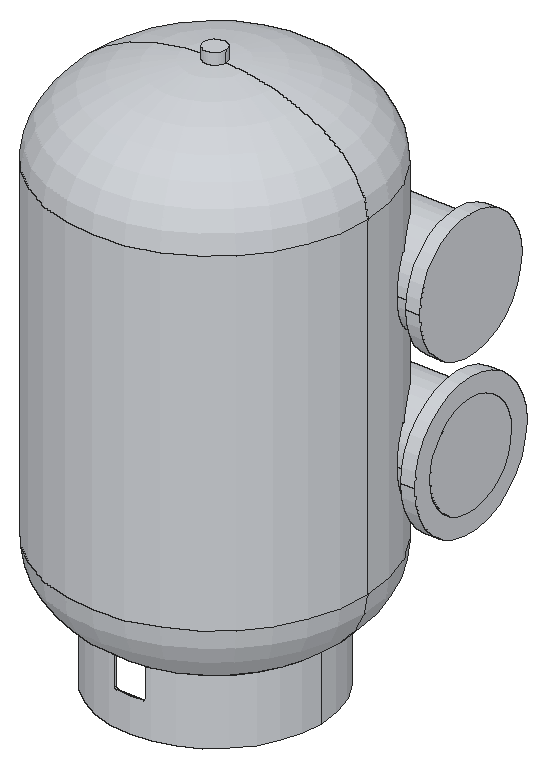
Revit family
Parameters (values of type "20-AS 125# W.P.")
  Weight = "5600 lbs"
  Top to Inlet = 35.875"
  Top Connection Radius = 1.500"
  Top Connection Diameter = Top Connection Radius * 2  # 3.000"
  Tank Height = 109.000"
  Tangential = yes
  Tank Height Less Stand = 102.000"
  Tank Diameter = 60.000"
  Pipe Location off CL = 19.000"
  Outlet Pipe Flange Conn. Radius = Outlet Pipe Flange Conn / 2  # 10.000"
  Outlet Pipe Flange Conn = 20.000"
  Model = "20\"-AS"
  Pressure Drop = ".68"
  Max Operating Temp = "350 DEG F"
  Max Operating Pressure = "125 PSI"
  Manufacturer = "Amtrol"
  Inlet CL to Outlet CL = 30.000"
  Inlet Pipe Flange Conn = 20.000"
  Inlet Pipe Flange Conn. Radius = Inlet Pipe Flange Conn / 2  # 10.000"
  Flow (GPM) = "5250"
  Flange to Flange Height = 70.000"
  CL to Outlet Flange = 35.000"
  Bottom Connection Radius = Bottom Connection Diameter / 2  # 1.500"
  Bottom Connection Diameter = 3.000"
  ASME = yes
Types (3): name | Pipe Location off CL | Max Operating Pressure
  (no name) | 19.000" | "125 PSI"
  20-AS 125# W.P. | 19.000" | "125 PSI"
  20-AS 150# W.P. 10 BAR | 15.000" | "150 PSI"
Reference planes (in)
  plane 1 "Center (Front/Back)": y = 0
  plane 2: z = 0
  plane 3 "Center (Left/Right)": x = -1.2315
Forms (in)
  Revolve 1, solid
    sketch origin (0, 0, 0) x (1, 0, 0) y (0, 0, 1)
      loop
        spline (28.7685, 85) -> (28.51184, 87.34947) -> (27.74627, 89.65874) -> (26.48488, 91.8883) -> (24.74926, 94) -> (22.5691, 95.95771) -> (19.9817, 97.72792) -> (17.03134, 99.28036) -> (13.7685, 100.58846) -> (10.249, 101.62983) -> (6.53307, 102.38666) -> (2.68428, 102.84601) -> (-1.2315, 103)
        line (-1.2315, 103) -> (-1.2315, 1)
        spline (-1.2315, 1) -> (2.68428, 1.15399) -> (6.53307, 1.61334) -> (10.249, 2.37017) -> (13.7685, 3.41154) -> (17.03134, 4.71964) -> (19.9817, 6.27208) -> (22.5691, 8.04229) -> (24.74926, 10) -> (26.48488, 12.1117) -> (27.74627, 14.34126) -> (28.51184, 16.65053) -> (28.7685, 19)
        line (28.7685, 19) -> (28.7685, 85)
      axis (-1.2315, 1) -> (-1.2315, 103)
    angle from 0 to 360
  Extrusion 2, solid
    sketch origin (0, 0, 4.33383) x (0, 1, 0) y (0, 0, 1)
      loop
        circle (19, 62.76285) r 10
    from 2.04863 to 31.00894
  Extrusion 3, solid
    sketch origin (1.78583, 0, 18.02222) x (0, 1, 0) y (0, 0, 1)
      loop
        circle (19, 19.07446) r 10
    from -34.75777 to 31.98267
  Extrusion 4, solid
    sketch origin (6.54208, 0, 8.25512) x (0, 1, 0) y (0, 0, 1)
      loop
        circle (19, 58.84156) r 12.5
    from 24.46686 to 27.22642
  Extrusion 5, solid
    sketch origin (0, 0, 0.63219) x (0, 1, 0) y (0, 0, 1)
      loop
        circle (19, 36.46449) r 13.75
    from -32.97194 to -36.2315
  Sweep 6, solid
    path origin (0.0083, 0, 42.63637) x (1, 0, 0) y (0, 0, 1)
      loop
        line (-1.2315, 60.33531) -> (-1.2315, 62.46969)
    profile origin (-1.2232, 0, 104.03887) x (-1, 0, 0) y (0, -1, 0)
      loop
        circle (0, 0) r 2.125
  Sweep 7, solid
    path origin (0, 0, 0.47237) x (1, 0, 0) y (0, 0, 1)
      loop
        line (-1.2315, -1.75069) -> (-1.2315, 0.49931)
    profile origin (-1.2315, 0, -0.15332) x (-1, 0, 0) y (0, -1, 0)
      loop
        circle (0, 0) r 2.125
  Extrusion 8, solid
    sketch origin (-5, 0, 0) x (0, 1, 0) y (0, 0, 1)
      loop
        circle (19, 37.09668) r 13.75
    from 36.00894 to 38.7685
  Extrusion 9, solid
    sketch origin (0, 0, 0) x (1, 0, 0) y (0, 1, 0)
      loop
        circle (-1.2315, 0) r 21
      loop
        circle (-1.2315, 0) r 20.75
    from 6.07796 to -6.7359
  Extrusion 10, void
    sketch origin (0, 0, 0) x (1, 0, 0) y (0, 0, 1)
      loop
        line (-4.2315, 6.07796) -> (-4.2315, 0.5)
        arc (-4.2315, 0.5) -> (-4.08505, 0.14645) -> (-3.7315, 0) r 0.5
        line (-3.7315, 0) -> (1.2685, 0)
        arc (1.2685, 0) -> (1.62205, 0.14645) -> (1.7685, 0.5) r 0.5
        line (1.7685, 0.5) -> (1.7685, 6.07796) -> (-4.2315, 6.07796)
    from 4.41095 to 33.97425
Cuts and joins
  Extrusion 10 cuts Sweep 7
  Extrusion 10 cuts Extrusion 9
Text (in)
  text "INLET" at (38.67413, 0, 74.30106), in view "Front"
  text "OUTLET" at (-48.81886, 0, 31.32958), in view "Front"
  text "STRAINER\n\nACCESS" at (46.12611, 0, 38.80606), in view "Front"
Dimensions and locks (in)
  "Pipe Location off CL": plane 1 "Center (Front/Back)" to Extrusion 2 sketch curve
  "Pipe Location off CL": plane 1 "Center (Front/Back)" to Extrusion 3 sketch curve
  "Pipe Location off CL": Extrusion 5 sketch curve to plane 1 "Center (Front/Back)"
  "Pipe Location off CL": Extrusion 4 sketch curve to plane 1 "Center (Front/Back)"
  "CL to Outlet Flange": Extrusion 5 to plane 3 "Center (Left/Right)"
  "Top to Inlet": Sweep 6 to Extrusion 4 sketch curve
  "Top to Inlet": Sweep 6 to Extrusion 2 sketch curve
  Sweep 6 to Extrusion 5 sketch curve = 65.875"
  locked: Sweep 6 to Extrusion 8 sketch curve at 65.875
  locked: Sweep 6 to Extrusion 3 sketch curve at 65.875
  "Pipe Location off CL": plane 1 "Center (Front/Back)" to Extrusion 8 sketch curve
  "Tank Height Less Stand": Sweep 6 sketch curve to cut or joined group of Sweep 7, Extrusion 10
  locked: Revolve 1 sketch curve to Revolve 1 sketch curve at 30
  "Tank Height Less Stand": Revolve 1 sketch curve to Revolve 1 sketch curve
  locked: Revolve 1 sketch curve to level at 1
  locked: Extrusion 4 to plane 3 "Center (Left/Right)" at 35
  aligned: Extrusion 2 to Extrusion 4
  aligned and locked: Extrusion 3 to Extrusion 5
  aligned: Extrusion 3 to Extrusion 2
  aligned: Extrusion 2 to Extrusion 8
  aligned and locked: Extrusion 9 to Extrusion 10
  aligned and locked: Extrusion 8 to Extrusion 3
  aligned and locked: Extrusion 4 to Extrusion 8
  aligned and locked: plane 3 "Center (Left/Right)" to Sweep 7 sketch curve
  aligned and locked: Extrusion 2 to Extrusion 8
Automatic sketch dimensions
  plane 1 "Center (Front/Back)" to Sweep 6 sketch curve = 0.000"
  Sweep 6 sketch curve to profile plane = 0.000"
  plane 1 "Center (Front/Back)" to Sweep 7 sketch curve = 0.000"
  Sweep 7 sketch curve to profile plane = 0.000"
  Extrusion 9 sketch curve to Extrusion 9 sketch curve = 0.000"  (x2)
  plane 1 "Center (Front/Back)" to Extrusion 9 sketch curve = 0.000"
  Extrusion 9 sketch curve to plane 3 "Center (Left/Right)" = 0.000"
  Extrusion 10 sketch curve to plane 3 "Center (Left/Right)" = 3.000"
  Extrusion 10 sketch curve to Extrusion 10 sketch curve = 0.500"  (x2)
  level to Extrusion 10 sketch curve = 0.500"
  plane 3 "Center (Left/Right)" to Extrusion 10 sketch curve = 2.500"
  level to Extrusion 10 sketch curve = 6.07796"
  plane 3 "Center (Left/Right)" to Sweep 6 sketch curve = 0.0083"
  Sweep 6 sketch curve to Sweep 6 sketch curve = 2.13438"
  Sweep 7 sketch curve to level = 1.27832"
  level to Sweep 7 sketch curve = 0.97168"
  Revolve 1 sketch curve to plane 3 "Center (Left/Right)" = 0.000"  (x2)
  Revolve 1 sketch curve to Revolve 1 sketch curve = 0.000"
  level to Revolve 1 sketch curve = 19.000"
  Revolve 1 sketch curve to Revolve 1 sketch curve = 18.000"
  Revolve 1 sketch curve to Revolve 1 sketch curve = 14.000"
  radius of Extrusion 2 sketch curve = 10.000"
  radius of Extrusion 3 sketch curve = 10.000"
  radius of Extrusion 4 sketch curve = 12.500"
  radius of Extrusion 5 sketch curve = 13.750"
  radius of Sweep 6 sketch curve = 2.125"
  radius of Sweep 7 sketch curve = 2.125"
  radius of Extrusion 8 sketch curve = 13.750"
  radius of Extrusion 9 sketch curve = 21.000"
  radius of Extrusion 9 sketch curve = 20.750"
Connectors (in)
  piping at (-1.2232, 0, 105.10606), driven by "Top Connection Radius"
    settings: on Sweep 6, index 3
  piping at (-36.2315, 19, 37.09668), driven by "Outlet Pipe Flange Conn. Radius"
    settings: on Extrusion 5, index 4
  piping at (-1.2315, 0, -1.27832), driven by "Bottom Connection Radius"
    settings: on Sweep 7, index 5
  piping at (33.7685, 19, 67.09668), driven by "Inlet Pipe Flange Conn. Radius"
    settings: on Extrusion 4, index 6
